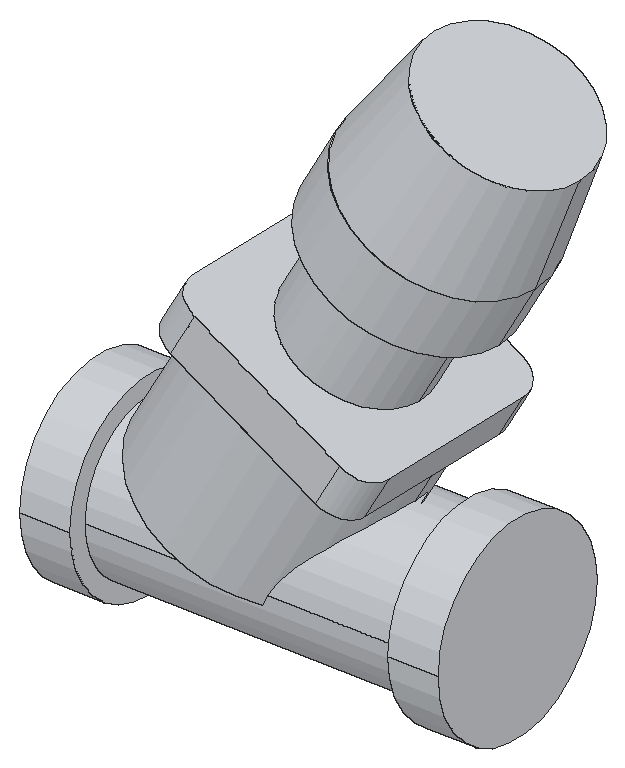
Revit family "OPTIMA_Compact_MM_DN20_5,5_RFA_2018", category Pipe Accessories, Revit 2018
Family settings
  Round Connector Dimension = Use Diameter
  Part Type = Valve - Breaks Into
  Work Plane-Based = No
  Always vertical = Yes
  Cut with Voids When Loaded = No
  Shared = No
Parameters (values of type "OPTIMA Compact DN20 M-M 5.5mm")
  magiProductId = "a40c776a67e54a899e920652842cb9"
  magiProductFamilyId = "78ecc78dd0e54fb5aa8a98aef7d402"
  magiPartTypeId = 304
  isMeasuringValve [instance] = no
  ang2D [instance] = 0.00°
  Z = 0 mm
  X = 10 mm
  W2D = 32 mm
  VersionID = "2.0/2018.8.28.1/FRESE_OPTIMA-COMPACT-MM_001"
  Use Minimum Symbol Size [instance] = yes
  URL = "www.hydronic.cz"
  Type Comments = "vnější závit; PN25; 0~120°C, bez měřicích vsuvek"
  R9 = 8 mm
  R8 = 14 mm
  R7 = 17 mm
  R6 = 12 mm
  R5 = 5 mm
  R4 = 19 mm
  R3 = 19 mm
  R2 = 13.5 mm
  R1 = 16.5 mm
  QmdConnectorList = "301;D;302;D"
  Productdata [instance] = ""
  PLG0 = no
  Manufacturer = "Hydronic Systems Prague s.r.o."
  MC Product Code = "53-1311  (1\" M-M; 5.5mm; Qmin-dpmin 300l/h-17.8kPa; Qmax-dpmin 1800l/h-40.0kPa; dpmax 800kPa)"
  MC Piping Given Pressure Drop [instance] = 0.0 Pa
  LL = 35 mm
  L3 = 11 mm
  L2D_Min = 3048 mm
  L2D = 104 mm
  L2 = 53.2 mm
  L1__ve = -L1  # -8.4 mm
  L1 = 8.4 mm
  H6__ve = -H6  # -58.5 mm
  H6 = 58.5 mm
  H5 = 20 mm
  H4 = 12 mm
  H3 = 18 mm
  H2 = 8 mm
  H1 = 26 mm
  Description = "Tlakově nezávislý 2-cestný regulační vyvažovací ventil (PICV)"
  D = 20 mm
  A = 30.00°
Types (8, lengths in mm): name | magiProductId | Z | X | R4 | R3 | R2 | R1 | MC Product Code | LL | L3 | L2 | L1__ve | L1 | H6__ve | H6 | H5 | H3 | H2 | H1 | D
  OPTIMA Compact DN32 M-M 5.5mm | "9229f6b2647a4beea29cfed7a0464e" | 1 | 13 | 29 | 31.5 | 22 | 24 | "53-1314  (6/4\" M-M; 5.5mm; Qmin-dpmin 550l/h-17.9kPa; Qmax-dpmin 4001l/h-28.0kPa; dpmax 800kPa)" | 52 | 12.5 | 79.04 | -12.48 | 12.48 | -66 | 66 | 20 | 16 | 10 | 46 | 32
  OPTIMA Compact DN15 M-M 2.5mm | "cf91b4957677408aaed6de7f8e707d" | 0 | 7 | 19 | 19 | 12 | 13 | "53-1304  (3/4\" M-M; 2.5mm; Qmin-dpmin 100l/h-14.9kPa; Qmax-dpmin 575l/h-18.5kPa; dpmax 800kPa)" | 32.5 | 11 | 49.4 | -7.8 | 7.8 | -55 | 55 | 20 | 18 | 8 | 26 | 15
  OPTIMA Compact DN15 M-M 5.0mm | "3da7abe28dc3494da6d3a7ef2edb11" | 0 | 7 | 19 | 19 | 12 | 13 | "53-1305  (3/4\" M-M; 5.0mm; Qmin-dpmin 220l/h-16.0kPa; Qmax-dpmin 1330l/h-21.6kPa; dpmax 800kPa)" | 32.5 | 11 | 49.4 | -7.8 | 7.8 | -55 | 55 | 20 | 18 | 8 | 26 | 15
  OPTIMA Compact DN20 M-M 5.0mm | "dbf1ea5749af4e6bb74c096f7a23b2" | 0 | 10 | 19 | 19 | 13.5 | 16.5 | "53-1308  (1\" M-M; 5.0mm; Qmin-dpmin 220l/h-16.0kPa; Qmax-dpmin 1330l/h-21.6kPa; dpmax 800kPa)" | 35 | 11 | 53.2 | -8.4 | 8.4 | -58.5 | 58.5 | 20 | 18 | 8 | 26 | 20
  OPTIMA Compact DN20 M-M 5.5mm | "a40c776a67e54a899e920652842cb9" | 0 | 10 | 19 | 19 | 13.5 | 16.5 | "53-1311  (1\" M-M; 5.5mm; Qmin-dpmin 300l/h-17.8kPa; Qmax-dpmin 1800l/h-40.0kPa; dpmax 800kPa)" | 35 | 11 | 53.2 | -8.4 | 8.4 | -58.5 | 58.5 | 20 | 18 | 8 | 26 | 20
  OPTIMA Compact DN25 M-M 5.5mm | "c9531e40f709430d814b4200686e37" | 0 | 13 | 29 | 31.5 | 18.5 | 21 | "53-1313  (5/4\" M-M; 5.5mm; Qmin-dpmin 600l/h-17.3kPa; Qmax-dpmin 3609l/h-23.0kPa; dpmax 800kPa)" | 52 | 12.5 | 79.04 | -12.48 | 12.48 | -63 | 63 | 20 | 16 | 10 | 43 | 25
  OPTIMA Compact DN10 M-M 2.5mm | "719160033de540c9acf49957212ec3" | 0 | 7 | 19 | 19 | 9 | 10.5 | "53-1300  (1/2\" M-M; 2.5mm; Qmin-dpmin 30l/h-14.3kPa; Qmax-dpmin 200l/h-15.8kPa; dpmax 800kPa)" | 32.5 | 11 | 49.4 | -7.8 | 7.8 | -52.5 | 52.5 | 17 | 18 | 8 | 30 | 10
  OPTIMA Compact DN10 M-M 5.0mm | "5a6cfbbfc7584f5c989f475761ae24" | 0 | 7 | 19 | 19 | 9 | 10.5 | "53-1309  (1/2\" M-M; 5.0mm; Qmin-dpmin 65l/h-14.6kPa; Qmax-dpmin 370l/h-17.2kPa; dpmax 800kPa)" | 32.5 | 11 | 49.4 | -7.8 | 7.8 | -52.5 | 52.5 | 17 | 18 | 8 | 30 | 10
Reference planes
  plane 1 "Center (Front/Back)": y = 0
  plane 2 "XYPLANE": z = 0
  plane 3 "Center (Left/Right)": x = 0
  plane 4 "267": x = 11
  plane 5 "266": x = -11
  plane 6 "252": through (-607.519, 0, 447.746) normal (0.5, 0, 0.866)
  plane 7 "250": through (-617.519, 0, 430.426) normal (0.5, 0, 0.866)
  plane 8 "248": through (-623.519, 0, 420.033) normal (0.5, 0, 0.866)
  plane 9 "245": through (-632.519, 0, 404.445) normal (0.5, 0, 0.866)
  plane 10 "241": through (349.885, 0, 664.019) normal (0.866, 0, -0.5)
  plane 11 "240": through (382.794, 0, 645.019) normal (0.866, 0, -0.5)
  plane 12 "239": y = -19
  plane 13 "238": y = 19
  plane 14 "237": through (-636.519, 0, 397.517) normal (0.5, 0, 0.866)
  plane 15 "235": through (-649.519, 0, 375) normal (0.5, 0, 0.866)
  plane 16 "231": y = 0
  plane 17 "230": through (366.34, 0, 654.519) normal (0.866, 0, -0.5)
  plane 18 "211": x = -26.6
  plane 19 "204": x = 35
  plane 20 "203": x = -35
  plane 21 "202": x = 0
  plane 22 "201": z = 0
  plane 23 "200": y = 0
  plane 24 "227XY": through (-649.519, 0, 375) normal (0.5, 0, 0.866)
  plane 25 "227XZ": y = 0
  plane 26 "227YZ": through (375, 0, 649.519) normal (0.866, 0, -0.5)
Forms (mm)
  Extrusion 1, solid, visible <- "PLG0"
    sketch origin (-750, 0, 0) x (1, 0, 0) y (0, 1, 0)
      loop
        circle (761, 0) r 8
    from 0 to -58.5 <- "H6__ve"
  Extrusion 2, solid, visible <- "PLG0"
    sketch origin (-750, 0, 0) x (1, 0, 0) y (0, 1, 0)
      loop
        circle (739, 0) r 8
    from 0 to -58.5 <- "H6__ve"
  Blend 3, solid
    base sketch origin (-617.519, 0, 430.426) x (0.866025, 0, -0.5) y (0, 1, 0)
      loop
        circle (740, 0) r 17
    top sketch origin (-617.519, 0, 430.426) x (0.866025, 0, -0.5) y (0, 1, 0)
      loop
        circle (740, 0) r 14
    from 0 to 20
  Extrusion 4, solid
    sketch origin (-623.519, 0, 420.033) x (0.866025, 0, -0.5) y (0, 1, 0)
      loop
        circle (740, 0) r 17
    from 0 to 12 <- "H4"
  Extrusion 5, solid
    sketch origin (-632.519, 0, 404.445) x (0.866025, 0, -0.5) y (0, 1, 0)
      loop
        circle (740, 0) r 12
    from 0 to 18 <- "H3"
  Extrusion 6, solid
    sketch origin (-636.519, 0, 397.517) x (0.866025, 0, -0.5) y (0, 1, 0)
      loop
        arc (726, 19) -> (722.464, 17.536) -> (721, 14) r 5
        line (721, 14) -> (721, -14)
        arc (721, -14) -> (722.464, -17.536) -> (726, -19) r 5
        line (726, -19) -> (754, -19)
        arc (754, -19) -> (757.536, -17.536) -> (759, -14) r 5
        line (759, -14) -> (759, 14)
        arc (759, 14) -> (757.536, 17.536) -> (754, 19) r 5
        line (754, 19) -> (726, 19)
    from 0 to 8 <- "H2"
  Extrusion 7, solid
    sketch origin (-649.519, 0, 375) x (0.866025, 0, -0.5) y (0, 1, 0)
      loop
        circle (740, 0) r 19
    from 0 to 26 <- "H1"
  Extrusion 8, solid
    sketch origin (-26.6, -750, 0) x (0, 1, 0) y (0, 0, 1)
      loop
        circle (750, 0) r 13.5
    from 0 to 53.2 <- "L2"
  Extrusion 9, solid
    sketch origin (35, -750, 0) x (0, 1, 0) y (0, 0, 1)
      loop
        circle (750, 0) r 16.5
    from 0 to -8.4 <- "L1__ve"
  Extrusion 10, solid
    sketch origin (-35, -750, 0) x (0, 1, 0) y (0, 0, 1)
      loop
        circle (750, 0) r 16.5
    from 0 to 8.4 <- "L1"
  Extrusion 11, solid, not visible
    sketch origin (35, -750, 0) x (0, 1, 0) y (0, 0, 1)
      loop
        circle (750, 0) r 10
    from 0 to -10
  Extrusion 12, solid, not visible
    sketch origin (-35, -750, 0) x (0, 1, 0) y (0, 0, 1)
      loop
        circle (750, 0) r 10
    from 0 to 10
Lines and regions (mm)
  reference lines, not visible
    curve 1: circle (2, 2, 0) r 1 normal (0, 0, 1)
Dimensions and locks
  plane 1 "Center (Front/Back)" to curve 1 = 2 mm
  "L3": plane 3 "Center (Left/Right)" to plane 4 "267"
  "L3": plane 3 "Center (Left/Right)" to plane 5 "266"
  "H5": plane 7 "250" to plane 6 "252"
  "H4": plane 8 "248" to plane 7 "250"
  "H3": plane 9 "245" to plane 8 "248"
  "H2": plane 14 "237" to plane 9 "245"
  "R4": plane 17 "230" to plane 10 "241"
  "R4": plane 17 "230" to plane 11 "240"
  "R4": plane 23 "200" to plane 12 "239"
  "R4": plane 23 "200" to plane 13 "238"
  "H1": plane 15 "235" to plane 14 "237"
  "Z": plane 24 "227XY" to plane 15 "235"
  locked: plane 23 "200" to plane 16 "231"
  "X": plane 26 "227YZ" to plane 17 "230"
  "L1": plane 20 "203" to plane 18 "211"
  "LL": plane 3 "Center (Left/Right)" to plane 19 "204"
  "LL": plane 3 "Center (Left/Right)" to plane 20 "203"
  locked: plane 3 "Center (Left/Right)" to plane 21 "202"
  locked: plane 2 "XYPLANE" to plane 22 "201"
  locked: plane 1 "Center (Front/Back)" to plane 23 "200"
  Extrusion 6 sketch curve to Extrusion 6 sketch curve = 0 mm  (x16)
  "R9": radius of Extrusion 1 sketch curve
  "R9": radius of Extrusion 2 sketch curve
  "R8": radius of Blend 3 sketch curve
  "R7": radius of Blend 3 sketch curve
  "R7": radius of Extrusion 4 sketch curve
  "R6": radius of Extrusion 5 sketch curve
  "R5": radius of Extrusion 6 sketch curve  (x4)
  "R3": radius of Extrusion 7 sketch curve
  "R2": radius of Extrusion 8 sketch curve
  "R1": radius of Extrusion 9 sketch curve
  "R1": radius of Extrusion 10 sketch curve
  aligned and locked: level to plane 2 "XYPLANE"
  aligned and locked: plane 4 "267" to Extrusion 1 sketch curve
  aligned and locked: plane 23 "200" to Extrusion 1 sketch curve
  aligned and locked: plane 5 "266" to Extrusion 2 sketch curve
  aligned and locked: plane 23 "200" to Extrusion 2 sketch curve
  aligned and locked: plane 16 "231" to Blend 3 sketch curve  (x2)
  aligned and locked: Blend 3 sketch curve to plane 17 "230"  (x2)
  aligned and locked: plane 6 "252" to Blend 3
  aligned and locked: plane 16 "231" to Extrusion 4 sketch curve
  aligned and locked: Extrusion 4 sketch curve to plane 17 "230"
  aligned and locked: plane 16 "231" to Extrusion 5 sketch curve
  aligned and locked: Extrusion 5 sketch curve to plane 17 "230"
  aligned and locked: Extrusion 6 sketch curve to plane 10 "241"
  aligned and locked: Extrusion 6 sketch curve to plane 12 "239"
  aligned and locked: Extrusion 6 sketch curve to plane 11 "240"
  aligned and locked: plane 13 "238" to Extrusion 6 sketch curve
  aligned and locked: plane 16 "231" to Extrusion 7 sketch curve
  aligned and locked: Extrusion 7 sketch curve to plane 17 "230"
  aligned and locked: plane 22 "201" to Extrusion 8 sketch curve
  aligned and locked: Extrusion 8 sketch curve to plane 23 "200"
  aligned and locked: plane 22 "201" to Extrusion 9 sketch curve
  aligned and locked: Extrusion 9 sketch curve to plane 23 "200"
  aligned and locked: plane 22 "201" to Extrusion 10 sketch curve
  aligned and locked: Extrusion 10 sketch curve to plane 23 "200"
  aligned and locked: plane 22 "201" to Extrusion 11 sketch curve
  aligned and locked: Extrusion 11 sketch curve to plane 23 "200"
  aligned and locked: plane 22 "201" to Extrusion 12 sketch curve
  aligned and locked: Extrusion 12 sketch curve to plane 23 "200"
Automatic sketch dimensions
  plane 1 "Center (Front/Back)" to Extrusion 11 sketch curve = 10 mm
  plane 1 "Center (Front/Back)" to Extrusion 12 sketch curve = 10 mm
  plane 3 "Center (Left/Right)" to curve 1 = 2 mm
  radius of curve 1 = 1 mm
Connectors
  piping at (-35, 0, 0), diameter 20, driven by "D"
    settings: on Extrusion 12, index 1, connector inside diameter 609.6 mm, connector length 0 mm, flow factor 0, pipe flow 0.0 L/s, pressure drop 0.0 Pa, fitting loss kfactor 0, connector angle 0.00°, fixture units 0, engagement length 0 mm, angle of deflection 0.00°, flow configuration 0, flow direction 0, fitting loss method 0, system type 29, joint type 0, gender type 0, connector reference index 2, connector utility 0, adjustable connector no, is connector primary yes, connector description ""
  piping at (35, 0, 0), diameter 20, driven by "D"
    settings: on Extrusion 11, index 2, connector inside diameter 609.6 mm, connector length 0 mm, flow factor 0, pipe flow 0.0 L/s, pressure drop 0.0 Pa, fitting loss kfactor 0, connector angle 0.00°, fixture units 0, engagement length 0 mm, angle of deflection 0.00°, flow configuration 0, flow direction 0, fitting loss method 0, system type 29, joint type 0, gender type 0, connector reference index 1, connector utility 0, adjustable connector no, is connector primary no, connector description ""
